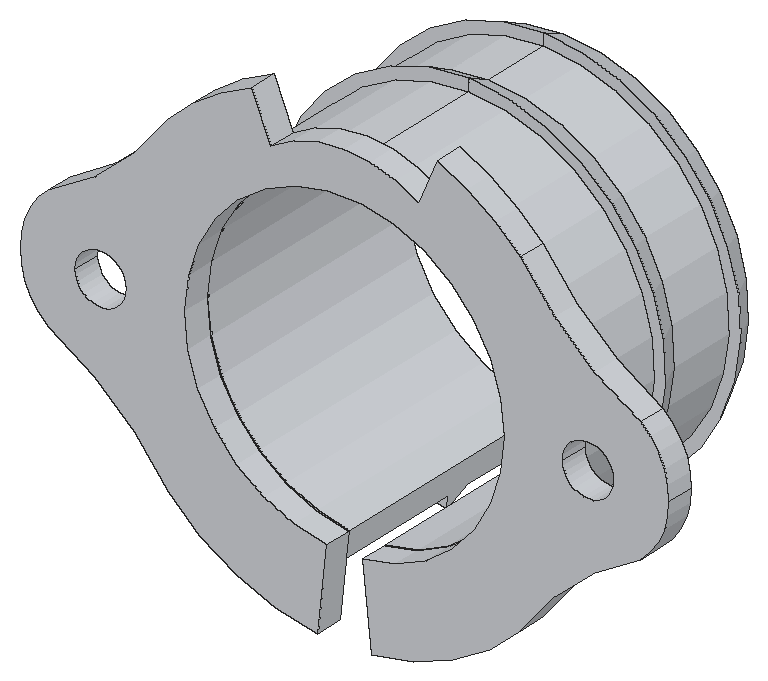
Revit family
Parameters
  URL = "www.siouxchief.com"
  Type Comments = "1\""
  Model = "558-4"
  Manufacturer = "Sioux Chief Manufacturing"
  Description = "Pipe Eye Tube Insulator"
Reference planes (in)
  plane 1 "Center (Front/Back)": y = 0
  plane 2: z = 0
  plane 3 "Center (Left/Right)": x = 0
Forms (in)
  Revolve 1, solid
    sketch origin (0, 0.89451, -2.175) x (0, 1, 0) y (0, 0, 1)
      loop
        line (0, 2.175) -> (0, 2.85) -> (-0.09, 2.894) -> (-0.09, 2.85) -> (-0.34, 2.85) -> (-0.43, 2.894) -> (-0.43, 2.85) -> (-0.88896, 2.85) -> (-0.88896, 2.175) -> (0, 2.175)
      axis (0, 2.175) -> (-0.88896, 2.175)
    angle from 0 to 360
  Extrusion 2, void
    sketch origin (0, 0, 0) x (1, 0, 0) y (0, 0, 1)
      loop
        arc (0.06522, -0.57884) -> (0, 0.5825) -> (-0.06522, -0.57884) r 0.5825
        line (-0.06522, -0.57884) -> (-0.10534, -0.93481)
        arc (-0.10534, -0.93481) -> (0, -0.93915) -> (0.10534, -0.93481) r 1.28139
        line (0.10534, -0.93481) -> (0.06522, -0.57884)
    from -1.16247 to 0.24651
  Extrusion 3, solid
    sketch origin (0, 0, 0) x (1, 0, 0) y (0, 0, 1)
      loop
        arc (-1.07804, 0.22403) -> (-1.15446, 0.12341) -> (-1.1816, 0) r 0.2941
        arc (-1.1816, 0) -> (-1.15446, -0.12341) -> (-1.07804, -0.22403) r 0.2941
        arc (-1.07804, -0.22403) -> (-0.83497, -0.38775) -> (-0.64244, -0.60869) r 1.125
        arc (-0.64244, -0.60869) -> (-0.34967, -0.81299) -> (0, -0.885) r 0.885
        arc (0, -0.885) -> (0.34967, -0.81299) -> (0.64244, -0.60869) r 0.885
        arc (0.64244, -0.60869) -> (0.83497, -0.38775) -> (1.07804, -0.22403) r 1.125
        arc (1.07804, -0.22403) -> (1.15446, -0.12341) -> (1.1816, 0) r 0.2941
        arc (1.1816, 0) -> (1.15446, 0.12341) -> (1.07804, 0.22403) r 0.2941
        arc (1.07804, 0.22403) -> (0.83497, 0.38775) -> (0.64244, 0.60869) r 1.125
        arc (0.64244, 0.60869) -> (0.34967, 0.81299) -> (0, 0.885) r 0.885
        arc (0, 0.885) -> (-0.34967, 0.81299) -> (-0.64244, 0.60869) r 0.885
        arc (-0.64244, 0.60869) -> (-0.83497, 0.38775) -> (-1.07804, 0.22403) r 1.125
    from 0 to 0.1
  Extrusion 4, void
    sketch origin (0, 0, 0) x (1, 0, 0) y (0, 0, 1)
      loop
        line (0.26997, 0.65177) -> (0.36104, 0.87162)
        arc (0.36104, 0.87162) -> (0, 0.94436) -> (-0.36104, 0.87162) r 0.93234
        line (-0.36104, 0.87162) -> (-0.26997, 0.65177)
        arc (-0.26997, 0.65177) -> (0, 0.73449) -> (0.26997, 0.65177) r 0.48191
    from 0 to 0.5
  Extrusion 5, void
    sketch origin (0, 0, 0) x (1, 0, 0) y (0, 0, 1)
      loop
        circle (-0.88771, 0) r 0.09375
      loop
        circle (0.88771, 0) r 0.09375
    from 0 to 0.5
Cuts and joins
  Extrusion 2, Extrusion 4, Extrusion 5 cuts Revolve 1
  Extrusion 2, Extrusion 4, Extrusion 5 cuts Extrusion 3
Dimensions and locks (in)
  aligned and locked: plane 2 to level
Connectors (in)
  piping at (0, 0, 0.00124)
    settings: on cut or joined group of Extrusion 2, Extrusion 3, Extrusion 4, Extrusion 5, index 1, connector radius 1/2", flow factor 0, pipe flow 0 GPM, pressure drop 0.00 psi, fitting loss kfactor 0, connector angle 0.00°, fixture units 0, flow configuration 0, flow direction 0, fitting loss method 0, system type 22, connector reference index -1, connector utility 0, adjustable connector no, is connector primary yes, fitting loss table "", connector description "1\""
  piping at (0, -0.1, 0.00124)
    settings: on cut or joined group of Extrusion 2, Extrusion 3, Extrusion 4, Extrusion 5, index 2, connector radius 1/2", flow factor 0, pipe flow 0 GPM, pressure drop 0.00 psi, fitting loss kfactor 0, connector angle 0.00°, fixture units 0, flow configuration 0, flow direction 0, fitting loss method 0, system type 22, connector reference index -1, connector utility 0, adjustable connector no, is connector primary no, fitting loss table "", connector description "1\""
